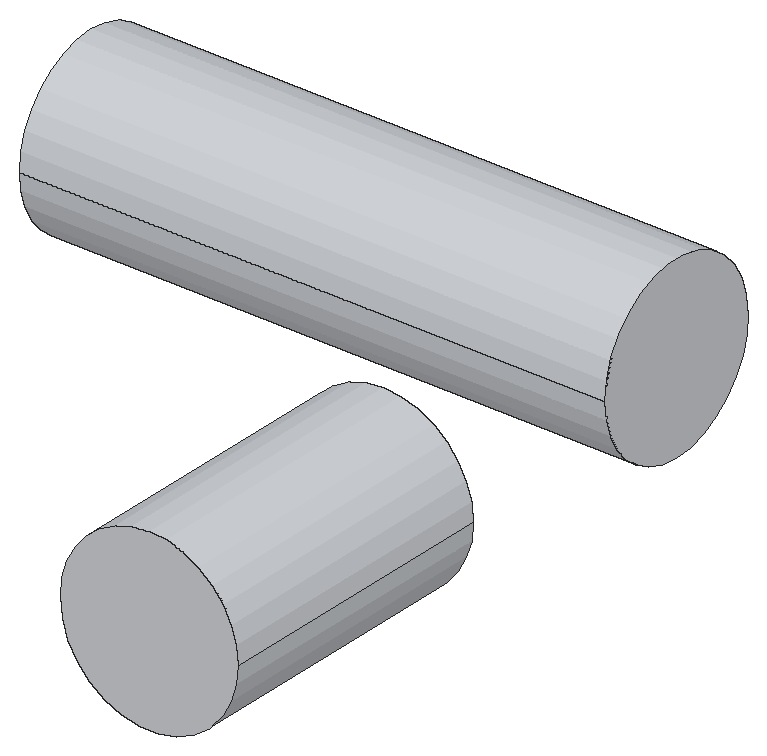
Revit family "1342-35-CHLI", category Plumbing Fixtures, Revit 2014
Parameters
  Vent Connection = yes
  URL = "http://www.helvex.com.mx/contenido.php?producto=795"
  Type Comments = "Drains"
  Plate Diameter = 7.7"
  Model = "1342-35-CHLI"
  Minimum Height = 8"
  Maximum Height = 8.5"
  Max. Water Flow = 8.8 GPM
  Manufacturer = "Helvex"
  Installation Thread = "2\" - 11 ½ NPSM"
  Insert Holder = Forged Brass
  Features = "Drain For Marmol or Ceramic Insert, Integrated Cesspool, Double Drain Plate, 0.23\" (6 mm) to Dislodge Perimeter, Hydraulic Seal, 10 mm Insert Thickness, Maximum"
  Elevation Range = "2.2\" - 2.7\""
  Drain = Forged Brass
  Documentation = "http://www.helvex.com.mx/productos/fichas/1342-35-CHLI.pdf"
  Description = "Bathroom Drain With Round Three Outlets Grid Square For Insert"
  CW Connection = yes
  Body = Iron, Cast
Reference planes (in)
  plane 1 "Center (Front/Back)": y = 0
  plane 2: z = 0
  plane 3 "Center (Left/Right)": x = 0
Forms (in)
  Extrusion 1, solid
    sketch origin (0, 0, -1.02623) x (1, 0, 0) y (0, 0, 1)
      loop
        circle (0, -5.28087) r 1
    from 0 to 3.27938
  Extrusion 2, solid
    sketch origin (0, 0, -1.02623) x (0, 1, 0) y (0, 0, 1)
      loop
        circle (0, -2.82842) r 1
    from -3.27937 to 3.27937
Dimensions and locks (in)
  aligned and locked: level to plane 2
Connectors (in)
  piping at (0, -3.27938, -6.3071), diameter 2, driven by "CW Connection"
    settings: on Extrusion 1, index 1, connector inside diameter 609.6 mm, connector length 0", flow factor 0, pipe flow 0.0 GPM, pressure drop 0.0 psi, fitting loss kfactor 0, connector angle 0.00°, fixture units 0, engagement length 0", angle of deflection 0.00°, flow configuration 2, flow direction 1, fitting loss method 0, system type 16, joint type 0, gender type 0, connector reference index -1, connector utility 1, adjustable connector no, is connector primary yes, connector description ""
  piping at (3.27937, 0, -3.85465), diameter 2, driven by "CW Connection"
    settings: on Extrusion 2, index 2, connector inside diameter 609.6 mm, connector length 0", flow factor 0, pipe flow 0.0 GPM, pressure drop 0.0 psi, fitting loss kfactor 0, connector angle 0.00°, fixture units 0, engagement length 0", angle of deflection 0.00°, flow configuration 2, flow direction 2, fitting loss method 0, system type 16, joint type 0, gender type 0, connector reference index -1, connector utility 1, adjustable connector no, is connector primary no, connector description ""
  piping at (-3.27937, 0, -3.85465), diameter 2, driven by "CW Connection"
    settings: on Extrusion 2, index 3, connector inside diameter 609.6 mm, connector length 0", flow factor 0, pipe flow 0.0 GPM, pressure drop 0.0 psi, fitting loss kfactor 0, connector angle 0.00°, fixture units 0, engagement length 0", angle of deflection 0.00°, flow configuration 2, flow direction 2, fitting loss method 0, system type 16, joint type 0, gender type 0, connector reference index -1, connector utility 1, adjustable connector no, is connector primary no, connector description ""
